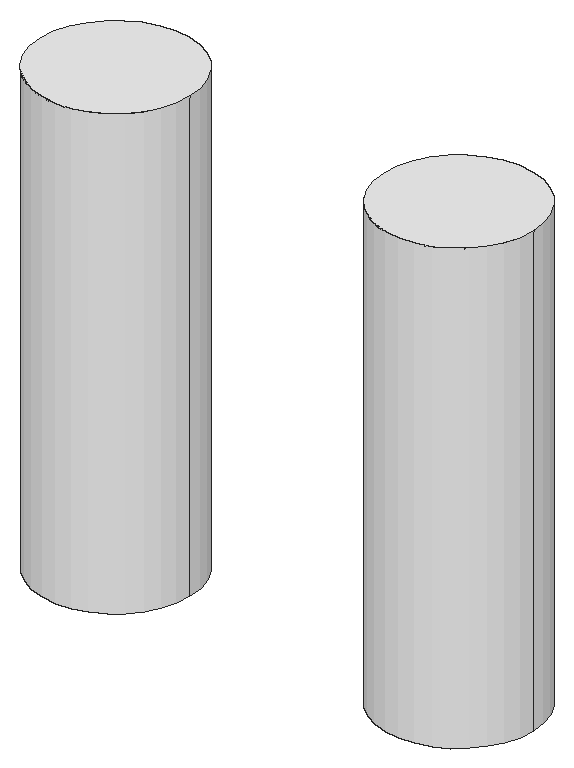
Revit family "52372263(2022)", category Plumbing Fixtures, Revit 2018
Family settings
  Round Connector Dimension = Use Diameter
  Part Type = Normal
  OmniClass Number = 23.45.55.00
  OmniClass Title = Sanitary Faucets, Wastes
  Work Plane-Based = No
  Always vertical = Yes
  Cut with Voids When Loaded = No
  Shared = No
  Room Calculation Point = No
Parameters (values of type "52372263 Washbasin faucet")
  WorkingPressure = "50 - 1000 kPa"
  Working Pressure = "50 - 1000 kPa"
  WarrantyStartDate [instance] = "n/a"
  WarrantyGuarantorParts = "n/a"
  WarrantyGuarantorLabor = "n/a"
  WarrantyDurationUnit = "Year"
  WarrantyDurationParts = "n/a"
  WarrantyDurationLabor = "n/a"
  WarrantyDescription = "http://warranty.hansa.com"
  Warranty Information URL = "http://warranty.hansa.com"
  VersionDate = "01/07/2022"
  Version = "2"  # constant formula
  ValvePattern = "n/a"
  ValveOperation = "n/a"
  ValveMechanism = "n/a"
  Uniclass2015Reference = "Pr_40_20_87_96"
  Uniclass2015Description = "Washbasin manual water supply sets"
  Uniclass2 = "Pr_40_30_96_96"
  URL REACH = "http://static.hansa.com/doc/reach"
  URL Declaration of Conformity = "http://static.hansa.com/DoC/52372263"
  URL = ""
  UNSPSC Class Number = "30181700 Faucets or taps"
  Type Comments = ""
  TestPressure = "n/a"
  Temperature Adjustments = "Limitation option for maximum temperature and flow-rate "
  Technical DataSheet URL = "http://www.hansa.com/datasheet/52372263/en"
  TagNumber [instance] = "n/a"
  SustainabilityPerformance = "n/a"
  Surface treatment = "Chrome"
  Spout Type = "Fixed spout"
  Spout Projection = "114 mm"
  Spare-Part Information URL = "http://static.hansa.com/sp/52372263"
  Size = "50x170x200 mm"
  Shape = "Sculptured"
  SerialNumber [instance] = "n/a"
  Sales Package dimensions (LxWxH) = "380 x 180 x 74"
  Revision = "2"  # constant formula
  ReplacementCost = "n/a"
  ProductInformation = "n/a"
  Product URL = "http://static.hansa.com/52372263"
  Product Image URL = "http://static.hansa.com/image/52372263"
  Product Family = "HANSAVANTIS XL"
  Product Code = "52372263"
  OperatingMechanismMaterial = "n/a"
  NominalWidth = 46.499 mm
  NominalHeight = 186 mm
  NominalDepth = 148.456 mm
  Name_en = "52372263 Washbasin faucet"
  Name = "52372263 Washbasin faucet"
  NBSReference = "45-35-70/371"
  NBSDescription = "Water supply fittings for wash basins and troughs"
  Mounting Holes = "1 hole"
  ModelReference = "52372263"
  ModelNumber = "n/a"
  Model = "52372263 Washbasin faucet"
  Mobile Product Information URL = "http://mpi.hansa.com/52372263"
  Mechanical Parts = "30Cartridge"
  Max. Hot Water Supply = 70 °C
  Material = "brassPlastic"
  Market = "International;Germany;Austria;Belgium;Netherlands;France;Czech Republic;Slovakia;Italy;Spain"
  ManufacturerURL = "http://www.hansa.com"
  ManufacturerName = "HANSA"
  Manufacturer = "HANSA"
  Lever Handle = "Single operating lever/handle;Hot/Cold symbols"
  Keynote = ""
  Interactive AR View URL = "https://static.hansa.com/AR/52372263"
  InstallationDate [instance] = "n/a"
  Installation and Maintenance Guide URL = "http://static.hansa.com/manual/52372263"
  Installation Type = "Deck mounted"
  InletConnectionSize = 10 mm
  IfcExportType = "FAUCET"  # constant formula
  IfcExportAs = "IfcValveType"  # constant formula
  Group = "Washbasin faucet"
  Grade = "n/a"
  FlowCoefficient = 0
  Flow Rate At 300kPa With Flow Controller = 0.01 L/s
  Flow Drawing URL = "http://static.hansa.com/flowchart/52372263"
  Finish = "Polished"
  Features = "Single-lever"
  FaucetMainMaterial = Brass
  FDV Document URL = "http://www.hansa.com/datasheet/52372263/en/fdv"
  ExpectedLife = "n/a"
  Excluded Items = "Without pop-up waste"
  ETIM Class Number = "EC011328 Washbasin mixing tap"
  EN Standard = "EN 817"
  EAN Number = "4057304017131"
  DurationUnit = "Year"
  Dimension Drawing URL = "http://static.hansa.com/dimdrw/52372263"
  Description = ""
  DefaultElevation [instance] = 900 mm
  Constituents = "n/a"
  Connection Size = "G3/8"
  Connection = "Flexible inlet pipes"
  Color = "Chrome"
  CodePerformance = "n/a"
  CloseOffRating = 0
  Catalog Drawing URL = "http://static.hansa.com/catdrw/52372263"
  Brand = "HANSA"
  BodyMaterial = "Brass"
  Barcode [instance] = "n/a"
  Backflow Prevention EN1717 = "AA"
  BIMObjectName = "52372263(2022)"
  Author = "BIMStone"
  AssetType = "Fixed"
  AssetIdentifier [instance] = "n/a"
  Aerator = "PCA® - constant flow rate regardless of pressure variations"
  Advanced Features = "Inner body made of DZR brass;3S-installation system for safe and simple mounting"
  AccessibilityPerformance = "n/a"
  3D View = "https://static.hansa.com/3D/52372263"
  2D/3D/BIM Files URL = "http://static.hansa.com/bim/52372263"
Reference planes
  plane 1 "Center (Front/Back)": y = 0
  plane 2: z = 0
  plane 3 "Center (Left/Right)": x = 0
  plane 4: x = -23.249
  plane 5: z = 900
  plane 6: z = 870
  plane 7: y = -148.456
  plane 8: x = 23.249
  plane 9: z = 1086
Forms (mm)
  Extrusion 1, solid, material "Brass" <- "FaucetMainMaterial"
    sketch origin (0, -0.77, 0) x (1, 0, 0) y (0, 1, 0)
      loop
        circle (-11.5, -22.5) r 5
      loop
        circle (11.5, -22.5) r 5
    from 870 to 900
Dimensions and locks
  "DefaultElevation": plane 5 to level
  locked: plane 5 to plane 6 at 30
  "NominalDepth": plane 7 to plane 1 "Center (Front/Back)"
  equal spacing: plane 4, plane 3 "Center (Left/Right)", plane 8
  "NominalHeight": plane 9 to plane 5
  "NominalWidth": plane 4 to plane 8
  "InletConnectionSize": diameter of Extrusion 1 sketch curve  (x2)
  aligned and locked: level to plane 2
  aligned and locked: plane 5 to Extrusion 1
  aligned and locked: Extrusion 1 to plane 6
  aligned and locked: plane 1 "Center (Front/Back)" to nested 2
  aligned and locked: plane 3 "Center (Left/Right)" to nested 1
  aligned and locked: plane 1 "Center (Front/Back)" to nested 1
  aligned and locked: plane 9 to nested 2
Automatic sketch dimensions
  Extrusion 1 sketch curve to plane 3 "Center (Left/Right)" = 11.5 mm
  plane 3 "Center (Left/Right)" to Extrusion 1 sketch curve = 11.5 mm
  plane 1 "Center (Front/Back)" to Extrusion 1 sketch curve = 23.27 mm  (x2)
Nested families
  nested 1: "Symbol" at (0, 0, 0), type "Symbol", detail levels coarse
  nested 2: "52372263(2022).p" at (0, 0, 900), main material <- "FaucetMainMaterial", type "52372263(2022)Body"
    with main material Brass
Connectors
  piping at (-11.5, -23.27, 870), diameter 10, driven by "InletConnectionSize"
    settings: on Extrusion 1, index 1, connector inside diameter 609.6 mm, connector length 0 mm, flow factor 0, pipe flow 0.2 L/s, pressure drop 0.0 Pa, fitting loss kfactor 0, connector angle 0.00°, fixture units 0, engagement length 0 mm, angle of deflection 0.00°, flow configuration 1, flow direction 1, fitting loss method 0, system type 19, joint type 0, gender type 0, connector reference index -1, connector utility 0, adjustable connector no, is connector primary yes, connector description ""
  piping at (11.5, -23.27, 870), diameter 10, driven by "InletConnectionSize"
    settings: on Extrusion 1, index 2, connector inside diameter 609.6 mm, connector length 0 mm, flow factor 0, pipe flow 0.2 L/s, pressure drop 0.0 Pa, fitting loss kfactor 0, connector angle 0.00°, fixture units 0, engagement length 0 mm, angle of deflection 0.00°, flow configuration 1, flow direction 1, fitting loss method 0, system type 20, joint type 0, gender type 0, connector reference index -1, connector utility 0, adjustable connector no, is connector primary no, connector description ""
Definition of nested family "Symbol"
  Reference planes
    plane 1: y = 0
    plane 2: x = 0
  Lines and regions (mm)
    detail lines
      curve 1: line (0, 0, 0) -> (0, -1.8, 0)
      curve 2: line (-0.4, -1.1, 0) -> (0.4, -1.1, 0)
      curve 3: line (-0.4, -1.4, 0) -> (0.4, -1.4, 0)
      curve 4: line (0.863, 0, 0) -> (-0.863, 0, 0)
      curve 5: circle (-1.163, 0, 0) r 0.3 normal (0, 0, -1)
      curve 6: circle (1.163, 0, 0) r 0.3 normal (0, 0, 1)
Definition of nested family "52372263(2022).p"
  Parameters (values of type "52372263(2022).p")
    main material [instance] = none
  Types (2): name
    52372263(2022).p
    52372267(2022)Body
  Reference planes
    plane 1 "Center (Front/Back)": y = 0
    plane 2: z = 0
    plane 3 "Center (Left/Right)": x = 0
    plane 4: z = 186
    plane 5: y = -148.37
    plane 6: x = 23.25
    plane 7: x = -23.25
  Forms (mm)
    Revolve 1, solid, material <- "main material", detail levels medium
      sketch origin (0, 0, 0) x (0, 1, 0) y (0, 0, 1)
        loop
          line (0, 0) -> (0, 186) -> (-23.281, 186) -> (-23.281, 0) -> (0, 0)
        axis (-23.281, 186) -> (-23.281, 0)
      angle from 0 to 360
    Revolve 2, solid, material <- "main material", detail levels medium
      sketch origin (0, 0, 0) x (0, 1, 0) y (0, 0, 1)
        loop
          line (-148.093, 112.915) -> (-148.093, 95.346) -> (-41.967, 123.783) -> (-41.967, 143.346) -> (-148.093, 112.915)
        axis (-148.093, 95.346) -> (-37.077, 125.093)
      angle from 0 to 360
    Extrusion 3, solid, material <- "main material", detail levels medium
      sketch origin (0, 0, 0) x (0, 1, 0) y (0, 0, 1)
        loop
          line (-31.562, 186) -> (-116.562, 186) -> (-116.562, 179.8) -> (-31.562, 179.8) -> (-31.562, 186)
      from -17.354 to 17.354
    Extrusion 4, solid, material <- "main material", detail levels coarse
      sketch origin (0, 0, 0) x (1, 0, 0) y (0, 1, 0)
        loop
          line (23.25, 0) -> (-23.25, 0) -> (-23.25, -148.37) -> (23.25, -148.37) -> (23.25, 0)
      from 0 to 186
  Lines and regions (mm)
    symbolic lines, detail levels fine
      curve 1: line (-12.377, -100.289, 0) -> (-15.512, -70.459, 0)
      curve 2: line (12.377, -100.289, 0) -> (15.512, -70.459, 0)
      curve 3: arc (-20.421, -23.748, 0) -> (0, -1.067, 0) -> (20.421, -23.748, 0) r 20.534
      curve 4: arc (12.377, -100.289, 0) -> (0, -111.433, 0) -> (-12.377, -100.289, 0) r 12.445
      curve 9: line (-19.077, -36.54, 0) -> (-20.421, -23.748, 0)
      curve 10: line (19.077, -36.54, 0) -> (20.421, -23.748, 0)
      curve 18: line (0, 0, 179.8) -> (-12.283, 0, 179.8)
      curve 19: arc (-12.283, 0, 179.8) -> (-15.417, 0, 181.244) -> (-16.358, 0, 184.564) r 4.125
      curve 20: line (-16.358, 0, 184.564) -> (-16.358, 0, 186)
      curve 21: arc (0, 0, 166.833) -> (-4.295, 0, 162.538) -> (0, 0, 158.243) r 4.295
      curve 22: line (0, 0, 149.003) -> (-21.833, 0, 149.003)
      curve 28: line (-16.216, 0, 122.115) -> (-15.368, 0, 101.603)
      curve 29: arc (-15.368, 0, 101.603) -> (-14.417, 0, 97.399) -> (-12.039, 0, 93.804) r 11.97
      curve 30: line (-12.039, 0, 93.804) -> (-12.039, 0, 100.759)
      curve 31: arc (-10.266, 0, 90.441) -> (-11.569, 0, 91.903) -> (-12.039, 0, 93.804) r 4.076
      curve 32: arc (0, 0, 87.378) -> (-5.373, 0, 88.106) -> (-10.266, 0, 90.441) r 17.524
      curve 33: arc (-12.039, 0, 93.804) -> (-11.283, 0, 96.456) -> (-9.242, 0, 98.312) r 5.032
      curve 34: arc (-9.242, 0, 98.312) -> (-4.742, 0, 99.829) -> (0, 0, 100.087) r 17.608
      curve 35: arc (-12.039, 0, 100.759) -> (-11.297, 0, 104.279) -> (-9.197, 0, 107.199) r 8.718
      curve 36: arc (-9.197, 0, 107.199) -> (-4.932, 0, 109.872) -> (0, 0, 110.873) r 14.075
      curve 37: line (-21.579, 0, 151) -> (0, 0, 151)
      curve 45: line (0, 0, 179.8) -> (12.283, 0, 179.8)
      curve 46: arc (12.283, 0, 179.8) -> (15.417, 0, 181.244) -> (16.358, 0, 184.564) r 4.125
      curve 47: line (16.358, 0, 184.564) -> (16.358, 0, 186)
      curve 48: arc (0, 0, 166.833) -> (4.295, 0, 162.538) -> (0, 0, 158.243) r 4.295
      curve 49: line (0, 0, 149.003) -> (21.823, 0, 149.003)
      curve 54: line (16.216, 0, 122.115) -> (15.368, 0, 101.603)
      curve 55: arc (15.368, 0, 101.603) -> (14.417, 0, 97.399) -> (12.039, 0, 93.804) r 11.97
      curve 56: line (12.039, 0, 93.804) -> (12.039, 0, 100.759)
      curve 57: arc (10.266, 0, 90.441) -> (11.569, 0, 91.903) -> (12.039, 0, 93.804) r 4.076
      curve 58: arc (0, 0, 87.378) -> (5.373, 0, 88.106) -> (10.266, 0, 90.441) r 17.524
      curve 59: arc (12.039, 0, 93.804) -> (11.283, 0, 96.456) -> (9.242, 0, 98.312) r 5.032
      curve 60: arc (9.242, 0, 98.312) -> (4.742, 0, 99.829) -> (0, 0, 100.087) r 17.608
      curve 61: arc (12.039, 0, 100.759) -> (11.297, 0, 104.279) -> (9.197, 0, 107.199) r 8.718
      curve 62: arc (9.197, 0, 107.199) -> (4.932, 0, 109.872) -> (0, 0, 110.873) r 14.075
      curve 63: line (21.579, 0, 151) -> (0, 0, 151)
      curve 83: line (0, -124.469, 91.424) -> (0, -142.944, 106.926)
      curve 93: arc (0, -36.493, 149) -> (0, -35.637, 119.322) -> (0, -46.493, 91.688) r 74.142
      curve 95: arc (0, -21.684, 151.512) -> (0, -23.295, 151.132) -> (0, -24.947, 151.022) r 10.041
      curve 96: line (0, -24.947, 151.022) -> (0, -44.824, 151.022)
      curve 106: line (0, -28.785, 175.539) -> (0, -28.785, 186)
      curve 107: line (0, -28.785, 175.539) -> (0, -46.537, 172.373)
      curve 110: line (0, -4.436, 157.116) -> (0, -21.684, 151.512)
      curve 114: line (0, -45.047, 149) -> (0, -36.493, 149)
      curve 117: line (0, -36.493, 149) -> (0, -1.473, 149)
    symbolic lines, detail levels medium+fine
      curve 5: line (-15, -133.492, 0) -> (-15.512, -70.459, 0)
      curve 6: line (15, -133.492, 0) -> (15.512, -70.459, 0)
      curve 7: arc (-15, -133.492, 0) -> (0, -148.37, 0) -> (15, -133.492, 0) r 15
      curve 8: arc (19.077, -36.54, 0) -> (0, 0, 0) -> (-19.077, -36.54, 0) r 23.25
      curve 11: line (15.512, -70.459, 0) -> (19.077, -36.54, 0)
      curve 12: line (-15.512, -70.459, 0) -> (-19.077, -36.54, 0)
      curve 13: line (0, 0, 186) -> (-16.358, 0, 186)
      curve 14: arc (-18.946, 0, 186) -> (-19.624, 0, 185.719) -> (-19.904, 0, 185.042) r 0.958
      curve 15: line (-19.904, 0, 185.042) -> (-23.25, 0, 151.508)
      curve 16: arc (-23.25, 0, 151.508) -> (-23.121, 0, 151.138) -> (-22.754, 0, 151) r 0.463
      curve 17: line (-22.754, 0, 151) -> (-21.579, 0, 151)
      curve 23: arc (-22.596, 0, 149.003) -> (-23.038, 0, 148.832) -> (-23.25, 0, 148.409) r 0.657
      curve 24: arc (-21.579, 0, 151) -> (-21.802, 0, 150.12) -> (-21.996, 0, 149.233) r 28.12
      curve 25: arc (-21.996, 0, 149.233) -> (-21.965, 0, 149.083) -> (-21.833, 0, 149.003) r 0.194
      curve 26: line (-23.25, 0, 148.409) -> (-23.25, 0, 0)
      curve 27: line (-23.25, 0, 0) -> (0, 0, 0)
      curve 38: line (-21.833, 0, 149.003) -> (-22.596, 0, 149.003)
      curve 39: line (-16.358, 0, 186) -> (-18.946, 0, 186)
      curve 40: line (0, 0, 186) -> (16.358, 0, 186)
      curve 41: arc (18.946, 0, 186) -> (19.624, 0, 185.719) -> (19.904, 0, 185.042) r 0.958
      curve 42: line (19.904, 0, 185.042) -> (23.25, 0, 151.508)
      curve 43: arc (23.25, 0, 151.508) -> (23.121, 0, 151.138) -> (22.754, 0, 151) r 0.463
      curve 44: line (22.754, 0, 151) -> (21.579, 0, 151)
      curve 50: arc (22.596, 0, 149.003) -> (23.038, 0, 148.832) -> (23.25, 0, 148.409) r 0.657
      curve 51: arc (21.579, 0, 151) -> (21.802, 0, 150.12) -> (21.996, 0, 149.233) r 28.12
      curve 52: line (23.25, 0, 148.409) -> (23.25, 0, 0)
      curve 53: line (23.25, 0, 0) -> (0, 0, 0)
      curve 64: line (16.358, 0, 186) -> (18.946, 0, 186)
      curve 65: arc (21.996, 0, 149.233) -> (21.962, 0, 149.079) -> (21.823, 0, 149.003) r 0.193
      curve 66: line (21.823, 0, 149.003) -> (22.596, 0, 149.003)
      curve 68: line (0, 0, 0) -> (0, -46.493, 0)
      curve 69: line (0, -46.493, 0) -> (0, -46.493, 91.688)
      curve 70: arc (0, -46.493, 91.688) -> (0, -46.819, 94.895) -> (0, -47.781, 97.972) r 15.977
      curve 71: arc (0, -47.781, 97.972) -> (0, -51.374, 102.147) -> (0, -56.714, 103.497) r 9.133
      curve 72: arc (0, -56.714, 103.497) -> (0, -59.466, 103.188) -> (0, -62.17, 102.588) r 26.019
      curve 73: line (0, -62.17, 102.588) -> (0, -118.827, 89.11)
      curve 74: arc (0, -118.827, 89.11) -> (0, -120.916, 89.1) -> (0, -122.795, 90.015) r 4.605
      curve 75: line (0, -122.795, 90.015) -> (0, -124.469, 91.424)
      curve 76: line (0, -124.469, 91.424) -> (0, -125.412, 89.999)
      curve 77: line (0, -125.412, 89.999) -> (0, -126.246, 90.551)
      curve 78: line (0, -126.246, 90.551) -> (0, -128.477, 87.242)
      curve 79: line (0, -128.477, 87.242) -> (0, -146.716, 99.544)
      curve 80: line (0, -144.48, 102.861) -> (0, -146.716, 99.544)
      curve 81: line (0, -144.48, 102.861) -> (0, -145.309, 103.42)
      curve 82: line (0, -145.309, 103.42) -> (0, -142.944, 106.926)
      curve 84: line (0, -142.944, 106.926) -> (0, -147.885, 111.072)
      curve 85: arc (0, -147.885, 111.072) -> (0, -148.262, 111.58) -> (0, -148.37, 112.203) r 1.365
      curve 86: arc (0, -148.37, 112.203) -> (0, -147.995, 113.132) -> (0, -147.139, 113.653) r 1.59
      curve 87: line (0, -147.139, 113.653) -> (0, -56.5, 137.939)
      curve 88: arc (0, -56.5, 137.939) -> (0, -50.047, 141.825) -> (0, -46.646, 148.546) r 13.62
      curve 89: arc (0, -46.646, 148.546) -> (0, -46.46, 148.867) -> (0, -46.113, 149) r 0.559
      curve 90: line (0, -46.113, 149) -> (0, -45.047, 149)
      curve 91: arc (0, -0.527, 149) -> (0, -0.166, 148.857) -> (0, 0, 148.505) r 0.528
      curve 92: line (0, 0, 148.505) -> (0, 0, 0)
      curve 94: line (0, -0.346, 158.445) -> (0, -4.436, 157.116)
      curve 97: arc (0, -46.121, 151.022) -> (0, -46.415, 151.144) -> (0, -46.537, 151.438) r 0.416
      curve 98: line (0, -46.537, 151.438) -> (0, -46.537, 172.373)
      curve 99: arc (0, -46.537, 172.373) -> (0, -48.298, 177.217) -> (0, -52.759, 179.8) r 7.544
      curve 100: line (0, -52.759, 179.8) -> (0, -111.425, 179.8)
      curve 101: arc (0, -111.425, 179.8) -> (0, -114.525, 182.9) -> (0, -111.425, 186) r 3.1
      curve 102: line (0, -111.425, 186) -> (0, -28.785, 186)
      curve 103: arc (0, -0.911, 186) -> (0, -0.243, 185.71) -> (0, 0, 185.024) r 0.913
      curve 104: line (0, 0, 185.024) -> (0, 0, 158.866)
      curve 105: arc (0, 0, 158.866) -> (0, -0.098, 158.593) -> (0, -0.346, 158.445) r 0.429
      curve 108: arc (0, -4.436, 157.116) -> (0, -2.477, 153.327) -> (0, -1.291, 149.229) r 21.862
      curve 109: arc (0, -1.291, 149.229) -> (0, -1.33, 149.073) -> (0, -1.473, 149) r 0.194
      curve 111: line (0, -1.473, 149) -> (0, -0.527, 149)
      curve 112: arc (0, -44.824, 151.022) -> (0, -45.078, 150.138) -> (0, -45.268, 149.239) r 12.839
      curve 113: arc (0, -45.268, 149.239) -> (0, -45.217, 149.065) -> (0, -45.047, 149) r 0.205
      curve 115: line (0, -44.824, 151.022) -> (0, -46.121, 151.022)
      curve 116: line (0, -28.785, 186) -> (0, -0.911, 186)
    symbolic lines
      curve 67: arc (16.216, 0, 122.115) -> (0, 0, 139.015) -> (-16.216, 0, 122.115) r 16.23
  Dimensions and locks
    aligned and locked: level to plane 2
